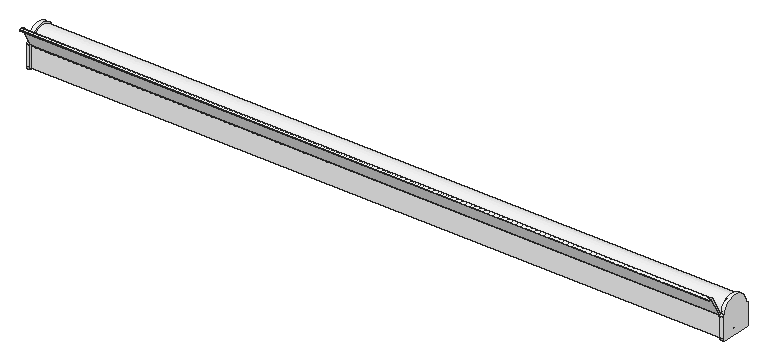
Revit family "0045187+0045236 Feilo Sylvania Lighting Fixture SYLBATTEN LED8 6000K TP3 with ASYMMETRIC REFLECTOR ACCESSORY 1500MM", category Lighting Fixtures, host Face, Revit 2017
Family settings
  Host = Face
  Round Connector Dimension = Use Diameter
  Part Type = Normal
  OmniClass Number = 23.80.70.00
  OmniClass Title = Lighting
  Cut with Voids When Loaded = No
  Light Source = Yes
  Shared = No
  Room Calculation Point = No
Parameters (values of type "0045187 SYLBATTEN LED8 6000K TP3")
  Width_FEILO = 66 mm
  Weight = "3.148 kg"
  Wattage Comments = "n/a"
  Wattage = 79 W
  WarrantyStartDate [instance] = "n/a"
  WarrantyGuarantorParts = "n/a"
  WarrantyDurationUnit = "n/a"
  WarrantyDurationParts = "n/a"
  WarrantyDescription = "n/a"
  built-in parameter 1150110 = 1 (stored number, unit not read)
  Voltage = 230 V
  URL = "http://www.sylvania-lighting.com"
  TypeName = "SYLBATTEN LED8 6000K TP3"
  Type Image = <None>
  Type Comments = "n/a"
  built-in parameter 1114217 = 1 (stored number, unit not read)
  Tilt Angle = -90.00°
  built-in parameter 1150109 = 1 (stored number, unit not read)
  built-in parameter 1150134 = 5
  SymReflector_FEILO = no
  built-in parameter 1150113 = 1 (stored number, unit not read)
  SerialNumber [instance] = "n/a"
  PowerFactor = 0
  PowerConsumption = "79 W"
  Photometric Web File = "0045187+0045236.ies"
  NominalLength = 1505 mm
  NominalHeight = 91 mm
  NominalDepth = 122 mm
  Name = "SYLBATTEN LED8 6000K TP3"
  ModelReference = Name  # "SYLBATTEN LED8 6000K TP3"
  ModelNumber = "0045187"
  Model = Name  # "SYLBATTEN LED8 6000K TP3"
  Material_4_FEILO = Reflector-Sylvania-Sylbatten-White
  Material_3_FEILO = Diffuser-Sylvania-Sylbatten-Glow
  Material_2_FEILO = Body-Sylvania-Sylbatten-White
  Material_1_FEILO = Body-Sylvania-Sylbatten-White
  Material = "sheet steel housing, polycarbonate diffuser"
  ManufacturerName = "Feilo Sylvania"
  Manufacturer = "Feilo Sylvania"
  LuminousEfficacy = "110.4 lm/W"
  built-in parameter 1150105 = 694.23 (stored number, unit not read)
  Lumens = 8723.97 lm
  LuminaireType = ""
  built-in parameter 1150115 = 1 (stored number, unit not read)
  LightOutputRatio = "100"
  built-in parameter 1150137 = (empty or 0)
  built-in parameter 1150139 = (empty or 0)
  Length_FEILO = 1505 mm
  LampsType = Lamp  # "LED"
  LampNominalLuminous = "8724 lm"
  LampMacAdamStep = "n/a"
  LampColourTemperature = "6000 K"
  LampColourRenderingIndex = "80"
  built-in parameter 1150112 = 1 (stored number, unit not read)
  built-in parameter 1150114 = 1 (stored number, unit not read)
  Lamp = "LED"
  Keynote = "16500"
  InstallationDate [instance] = "n/a"
  InputVoltage = "220-240V~"
  InputNominalFrequency = "n/a"
  built-in parameter 1150132 = (empty or 0)
  built-in parameter 1150102 = (empty or 0)
  built-in parameter 1150107 = 6000 (stored number, unit not read)
  built-in parameter 1150138 = (empty or 0)
  IngressProtection = "IP20"
  ImpactProtectionIndex = "IK07"
  built-in parameter 1150106 = 6.9423 (stored number, unit not read)
  IfcExportType = "IfcLightFixtureType"
  IfcExportAs = "IfcLightFixtureType"
  Height_FEILO = 76 mm
  ExpectedLife = 50000
  Emit from Rectangle Width = Length_FEILO - 16 mm  # 1489 mm
  Emit from Rectangle Length = Width_FEILO - 40 mm  # 26 mm
  Emit Shape Visible in Rendering = no
  ElectricShockClassification = "Class I"
  built-in parameter 1150104 = 10.259 (stored number, unit not read)
  DurationUnit = "hours"
  DocumentationLiterature = "http://www.sylvania-lighting.com/product/en-int/products/0045187"
  DimmingControlOptions = "n/a"
  Dimming Lamp Color Temperature Shift = <None>
  Description = "LED batten, T8 replacement, ease of installation through 2 part push-in design of the housing (safety cable included), through wiring capability (TP3 = 3 core), sheet steel, 8724M, 79W, 110lm/W, 6000K, drive current: 450mA, CRI 80, 138° wide beam angle, electronic driver (non dimmable), IP20, IK07, 50,000 hrs (L70), (LxWxH) 1505x66x76mm, 5 step MacAdam ellipse, 3.7kg, white RAL 9016, Class 1, 220-240V, energy class: A++, A+, A."
  Default Elevation = 1219.2 mm
  CreatedOn = "1/25/2018"
  CreatedBy = ""
  Cost = 0
  Color Filter = 16777215
  built-in parameter 1114216 [instance] = (empty or 0)
  ClassificationValue = "EF_70_80"
  ClassificationName = "Uniclass2015"
  CapOffset_FEILO = 2 mm
  BarCode [instance] = "n/a"
  built-in parameter 1114218 = 1 (stored number, unit not read)
  BackReflector_FEILO = and(not(AsymReflector_FEILO), SymReflector_FEILO)  # no
  built-in parameter 1150133 = 10 (stored number, unit not read)
  FrontReflector_FEILO = or(AsymReflector_FEILO, SymReflector_FEILO)  # yes
  AsymReflector_FEILO = yes
  AssetType = "Fixed"
  AssetIdentifier [instance] = "n/a"
  Assembly Code = "D5020200"
  Apparent Load = 79 VA
Reference planes
  plane 1 "Center (Front/Back)": y = 0
  plane 2: z = 0
  plane 3 "Center (Left/Right)": x = 0
  plane 4: x = 752.5
  plane 5: x = -752.5
  plane 6: y = 33
  plane 7: y = -33
  plane 8: z = 76
  plane 9: z = 47
  plane 10: y = -29
  plane 11: y = 29
  plane 12: z = 20
  plane 13: z = 74
  plane 14: y = -31
  plane 15: y = -27
  plane 16: y = 27
  plane 17: y = 31
  plane 18: z = 2
  plane 19: x = -744.5
  plane 20: x = 744.5
  plane 21: z = 49
  plane 22: y = 1
  plane 23: y = -1
  plane 24: z = 21
  plane 25: z = 19
  plane 26: y = -61
  plane 27: y = 61
  plane 28: y = -56
  plane 29: y = 56
  plane 30: z = 91
  plane 31: z = 88
Forms (mm)
  Extrusion 1, solid, material "Body-Sylvania-Sylbatten-White" <- "Material_2_FEILO"
    sketch origin (0, 0, 0) x (0, 1, 0) y (0, 0, 1)
      loop
        line (-31, 2) -> (31, 2) -> (31, 45)
        arc (31, 45) -> (30.414, 46.414) -> (29, 47) r 2
        line (29, 47) -> (27, 47)
        arc (27, 47) -> (0, 74) -> (-27, 47) r 27
        line (-27, 47) -> (-29, 47)
        arc (-29, 47) -> (-30.414, 46.414) -> (-31, 45) r 2
        line (-31, 45) -> (-31, 2)
    from -744.5 to 744.5
  Extrusion 2, solid, material "Body-Sylvania-Sylbatten-White" <- "Material_2_FEILO"
    sketch origin (752.5, 1524, 1219.2) x (0, 1, 0) y (0, 0, 1)
      loop
        arc (-1494, -1219.2) -> (-1491.879, -1218.321) -> (-1491, -1216.2) r 3
        line (-1491, -1216.2) -> (-1491, -1173.2)
        arc (-1491, -1173.2) -> (-1491.879, -1171.079) -> (-1494, -1170.2) r 3
        line (-1494, -1170.2) -> (-1495.069, -1170.2)
        arc (-1495.069, -1170.2) -> (-1524, -1143.2) -> (-1552.931, -1170.2) r 29
        line (-1552.931, -1170.2) -> (-1554, -1170.2)
        arc (-1554, -1170.2) -> (-1556.121, -1171.079) -> (-1557, -1173.2) r 3
        line (-1557, -1173.2) -> (-1557, -1216.2)
        arc (-1557, -1216.2) -> (-1556.121, -1218.321) -> (-1554, -1219.2) r 3
        line (-1554, -1219.2) -> (-1494, -1219.2)
      loop
        arc (-1525, -1189.25) -> (-1531.071, -1192.129) -> (-1533.95, -1198.2) r 10
        line (-1533.95, -1198.2) -> (-1532.944, -1198.2)
        arc (-1532.944, -1198.2) -> (-1530.364, -1192.836) -> (-1525, -1190.256) r 9
        line (-1525, -1190.256) -> (-1525, -1189.25)
      loop
        arc (-1523, -1190.256) -> (-1517.636, -1192.836) -> (-1515.056, -1198.2) r 9
        line (-1515.056, -1198.2) -> (-1514.05, -1198.2)
        arc (-1514.05, -1198.2) -> (-1516.929, -1192.129) -> (-1523, -1189.25) r 10
        line (-1523, -1189.25) -> (-1523, -1190.256)
      loop
        line (-1532.944, -1200.2) -> (-1533.95, -1200.2)
        arc (-1533.95, -1200.2) -> (-1531.071, -1206.271) -> (-1525, -1209.15) r 10
        line (-1525, -1209.15) -> (-1525, -1208.144)
        arc (-1525, -1208.144) -> (-1530.364, -1205.564) -> (-1532.944, -1200.2) r 9
      loop
        arc (-1515.056, -1200.2) -> (-1517.636, -1205.564) -> (-1523, -1208.144) r 9
        line (-1523, -1208.144) -> (-1523, -1209.15)
        arc (-1523, -1209.15) -> (-1516.929, -1206.271) -> (-1514.05, -1200.2) r 10
        line (-1514.05, -1200.2) -> (-1515.056, -1200.2)
    from 0 to -8
  Extrusion 3, solid, material "Body-Sylvania-Sylbatten-White" <- "Material_2_FEILO"
    sketch origin (-752.5, 1524, 1219.2) x (0, 1, 0) y (0, 0, 1)
      loop
        arc (-1495.069, -1170.2) -> (-1524, -1143.2) -> (-1552.931, -1170.2) r 29
        line (-1552.931, -1170.2) -> (-1554, -1170.2)
        arc (-1554, -1170.2) -> (-1556.121, -1171.079) -> (-1557, -1173.2) r 3
        line (-1557, -1173.2) -> (-1557, -1216.2)
        arc (-1557, -1216.2) -> (-1556.121, -1218.321) -> (-1554, -1219.2) r 3
        line (-1554, -1219.2) -> (-1494, -1219.2)
        arc (-1494, -1219.2) -> (-1491.879, -1218.321) -> (-1491, -1216.2) r 3
        line (-1491, -1216.2) -> (-1491, -1173.2)
        arc (-1491, -1173.2) -> (-1491.879, -1171.079) -> (-1494, -1170.2) r 3
        line (-1494, -1170.2) -> (-1495.069, -1170.2)
      loop
        line (-1533.95, -1198.2) -> (-1532.944, -1198.2)
        arc (-1532.944, -1198.2) -> (-1530.364, -1192.836) -> (-1525, -1190.256) r 9
        line (-1525, -1190.256) -> (-1525, -1189.25)
        arc (-1525, -1189.25) -> (-1531.071, -1192.129) -> (-1533.95, -1198.2) r 10
      loop
        line (-1523, -1189.25) -> (-1523, -1190.256)
        arc (-1523, -1190.256) -> (-1517.636, -1192.836) -> (-1515.056, -1198.2) r 9
        line (-1515.056, -1198.2) -> (-1514.05, -1198.2)
        arc (-1514.05, -1198.2) -> (-1516.929, -1192.129) -> (-1523, -1189.25) r 10
      loop
        line (-1514.05, -1200.2) -> (-1515.056, -1200.2)
        arc (-1515.056, -1200.2) -> (-1517.636, -1205.564) -> (-1523, -1208.144) r 9
        line (-1523, -1208.144) -> (-1523, -1209.15)
        arc (-1523, -1209.15) -> (-1516.929, -1206.271) -> (-1514.05, -1200.2) r 10
      loop
        line (-1525, -1209.15) -> (-1525, -1208.144)
        arc (-1525, -1208.144) -> (-1530.364, -1205.564) -> (-1532.944, -1200.2) r 9
        line (-1532.944, -1200.2) -> (-1533.95, -1200.2)
        arc (-1533.95, -1200.2) -> (-1531.071, -1206.271) -> (-1525, -1209.15) r 10
    from 0 to 8
  Extrusion 4, solid, material "Reflector-Sylvania-Sylbatten-White" <- "Material_4_FEILO", visible <- "FrontReflector_FEILO"
    sketch origin (0, 0, 0) x (0, 1, 0) y (0, 0, 1)
      loop
        line (-61.257, 88.429) -> (-60.743, 87.571) -> (-56.621, 90.044)
        arc (-56.621, 90.044) -> (-56.237, 90.099) -> (-55.929, 89.863) r 0.5
        line (-55.929, 89.863) -> (-31.435, 46.753) -> (-30.565, 47.247) -> (-55.312, 90.802)
        arc (-55.312, 90.802) -> (-55.928, 91.275) -> (-56.696, 91.165) r 1
        line (-56.696, 91.165) -> (-61.257, 88.429)
    from -744.5 to 744.5
  Extrusion 5, solid, material "Reflector-Sylvania-Sylbatten-White" <- "Material_4_FEILO", visible <- "BackReflector_FEILO"
    sketch origin (0, 0, 0) x (0, 1, 0) y (0, 0, 1)
      loop
        line (30.565, 47.247) -> (31.435, 46.753) -> (55.932, 89.868)
        arc (55.932, 89.868) -> (56.245, 90.112) -> (56.638, 90.062) r 0.518
        line (56.638, 90.062) -> (61.033, 87.565) -> (61.527, 88.435) -> (56.682, 91.188)
        arc (56.682, 91.188) -> (55.922, 91.282) -> (55.318, 90.812) r 1
        line (55.318, 90.812) -> (30.565, 47.247)
    from -744.5 to 744.5
Lines and regions (mm)
  reference lines
    curve 1: line (0, -61, 88) -> (0, -56, 91)
    curve 2: line (0, -56, 91) -> (0, -31, 47)
    curve 3: line (0, 31, 47) -> (0, 56, 91)
    curve 4: line (0, 56, 91) -> (0, 61.28, 88)
Dimensions and locks
  equal spacing: plane 5, plane 3 "Center (Left/Right)", plane 4
  equal spacing: plane 7, plane 1 "Center (Front/Back)", plane 6
  "Width_FEILO": plane 7 to plane 6
  "Length_FEILO": plane 5 to plane 4
  "Height_FEILO": plane 8 to plane 2
  locked: plane 9 to plane 8 at 29
  equal spacing: plane 10, plane 1 "Center (Front/Back)", plane 11
  locked: plane 7 to plane 10 at 4
  locked: plane 12 to plane 2 at 20
  "CapOffset_FEILO": plane 13 to plane 8
  "CapOffset_FEILO": plane 7 to plane 14
  "CapOffset_FEILO": plane 10 to plane 15
  "CapOffset_FEILO": plane 17 to plane 6
  "CapOffset_FEILO": plane 16 to plane 11
  "CapOffset_FEILO": plane 18 to plane 2
  locked: plane 14 to Extrusion 1 sketch curve at 2
  locked: Extrusion 1 sketch curve to plane 9 at 2  (x2)
  locked: plane 16 to Extrusion 1 sketch curve at 2
  equal spacing: plane 19, plane 3 "Center (Left/Right)", plane 20
  locked: plane 5 to plane 19 at 8
  "CapOffset_FEILO": plane 9 to plane 21
  locked: Extrusion 2 sketch curve to plane 2 at 47
  locked: Extrusion 1 sketch curve to plane 2 at 47
  locked: Extrusion 2 sketch curve to plane 2 at 3  (x2)
  locked: plane 7 to Extrusion 2 sketch curve at 3  (x2)
  locked: Extrusion 2 sketch curve to plane 6 at 3  (x2)
  locked: Extrusion 2 sketch curve to plane 21 at 3  (x2)
  equal spacing: plane 23, plane 1 "Center (Front/Back)", plane 22
  equal spacing: plane 25, plane 12, plane 24
  plane 30 to plane 31 to plane 2 = 3 mm locked, 88 mm locked
  plane 28 to plane 29 = 112 mm
  plane 26 to plane 27 = 122 mm
  aligned and locked: plane 2 to host face
  aligned and locked: level to host face
  aligned and locked: plane 18 to Extrusion 1 sketch curve
  aligned and locked: plane 14 to Extrusion 1 sketch curve
  aligned and locked: Extrusion 1 sketch curve to plane 9  (x2)
  aligned and locked: Extrusion 1 sketch curve to plane 17
  aligned and locked: plane 15 to Extrusion 1 sketch curve
  aligned and locked: plane 16 to Extrusion 1 sketch curve
  aligned and locked: plane 9 to Extrusion 1 sketch curve
  aligned and locked: plane 20 to Extrusion 1
  aligned and locked: level to Extrusion 2 sketch curve
  aligned and locked: Extrusion 2 sketch curve to plane 7
  aligned and locked: plane 21 to Extrusion 2 sketch curve
  aligned and locked: Extrusion 2 sketch curve to plane 21
  aligned and locked: plane 1 "Center (Front/Back)" to Extrusion 2 sketch curve  (x3)
  aligned and locked: Extrusion 2 to Extrusion 1
  aligned and locked: plane 4 to Extrusion 2
  aligned and locked: plane 12 to Extrusion 2 sketch curve  (x2)
  aligned and locked: Extrusion 2 sketch curve to plane 22
  aligned and locked: Extrusion 2 sketch curve to plane 23
  aligned and locked: Extrusion 2 sketch curve to plane 24
  aligned and locked: Extrusion 2 sketch curve to plane 25
  aligned and locked: plane 25 to Extrusion 2 sketch curve
  aligned and locked: plane 22 to Extrusion 2 sketch curve
  aligned and locked: plane 24 to Extrusion 2 sketch curve
  aligned and locked: plane 23 to Extrusion 2 sketch curve  (x2)
  aligned and locked: Extrusion 3 sketch curve to Extrusion 2  (x22)
  aligned and locked: Extrusion 3 to Extrusion 1
  aligned and locked: Extrusion 3 to plane 5
  aligned and locked: plane 19 to Extrusion 3
  aligned and locked: plane 31 to curve 1
  aligned and locked: plane 30 to curve 1
  aligned and locked: plane 14 to curve 2
  aligned and locked: plane 9 to curve 2
  aligned and locked: plane 17 to curve 3
  aligned and locked: plane 30 to curve 3
  aligned and locked: plane 31 to curve 4
  aligned and locked: Extrusion 4 sketch curve to curve 2
  aligned and locked: Extrusion 4 sketch curve to curve 1
  aligned and locked: Extrusion 4 to Extrusion 1
  aligned and locked: Extrusion 1 to Extrusion 4
  aligned and locked: imposter light to plane 1 "Center (Front/Back)"
  aligned and locked: imposter light to plane 3 "Center (Left/Right)"
  aligned and locked: imposter light to plane 13
  aligned and locked: Extrusion 5 sketch curve to curve 4
  aligned and locked: Extrusion 5 sketch curve to curve 3
  aligned and locked: Extrusion 1 to Extrusion 5
  aligned and locked: Extrusion 5 to Extrusion 1
Automatic sketch dimensions
  host sketch curve to host sketch curve = 2438.4 mm  (x2)
  Extrusion 2 sketch curve to Extrusion 2 sketch curve = 0 mm  (x14)
  Extrusion 2 sketch curve to plane 10 = 0.069 mm
  plane 23 to Extrusion 2 sketch curve = 8.95 mm
  Extrusion 2 sketch curve to Extrusion 2 sketch curve = 1.006 mm  (x4)
  Extrusion 2 sketch curve to plane 22 = 7.944 mm
  curve 1 to plane 26 = 0 mm
  curve 2 to plane 28 = 0 mm
  curve 4 to plane 29 = 0 mm
  plane 9 to curve 3 = 0 mm
  plane 26 to Extrusion 4 sketch curve = 0.257 mm
  Extrusion 4 sketch curve to plane 26 = 0.257 mm
  Extrusion 4 sketch curve to plane 30 = 0.165 mm
  plane 28 to Extrusion 4 sketch curve = 0.696 mm
  plane 28 to Extrusion 4 sketch curve = 0.621 mm
  plane 28 to Extrusion 4 sketch curve = 0.364 mm
  plane 28 to Extrusion 4 sketch curve = 0.182 mm
  Extrusion 4 sketch curve to plane 28 = 0.071 mm
  plane 30 to Extrusion 4 sketch curve = 0.198 mm
  Extrusion 4 sketch curve to plane 28 = 0.688 mm
  plane 9 to Extrusion 4 sketch curve = 0.247 mm
  plane 1 "Center (Front/Back)" to Extrusion 4 sketch curve = 31.435 mm
  Extrusion 5 sketch curve to plane 9 = 0.247 mm
  Extrusion 5 sketch curve to plane 1 "Center (Front/Back)" = 30.565 mm
  plane 9 to Extrusion 5 sketch curve = 0.247 mm
  plane 30 to Extrusion 5 sketch curve = 0.188 mm
  plane 29 to Extrusion 5 sketch curve = 0.068 mm
  Extrusion 5 sketch curve to plane 29 = 0.188 mm
  Extrusion 5 sketch curve to plane 29 = 0.382 mm
  Extrusion 5 sketch curve to Extrusion 5 sketch curve = 0.256 mm
  Extrusion 5 sketch curve to plane 30 = 0.188 mm
  Extrusion 5 sketch curve to plane 29 = 0.682 mm
  Extrusion 5 sketch curve to plane 27 = 0.033 mm
  Extrusion 5 sketch curve to plane 27 = 0.527 mm
Connectors
  electrical at (0, 0, 0), driven by "Apparent Load", driven by "PowerFactor", driven by "Voltage"
    settings: index 1, voltage 230 V, apparent load 79 VA, apparent load phase1 0 VA, apparent load phase2 0 VA, apparent load phase3 0 VA, power factor 0, load classification "Lighting", number of poles 1, system type 30, power factor state 1, is connector primary yes, connector utility no, sub classification motor no, connector description ""
